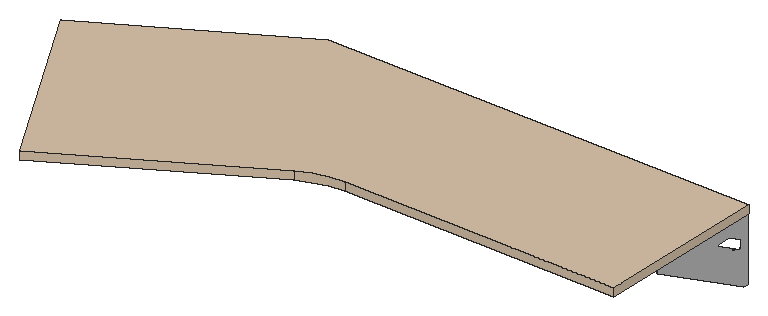
Revit family "Haworth_Compose_Worksurface_Bent", category Furniture Systems, Revit 2018
Family settings
  Round Connector Dimension = Use Diameter
  Part Type = Normal
  OmniClass Number = 23.40.70.14.64.21
  OmniClass Title = Systems Furniture
  Work Plane-Based = No
  Always vertical = Yes
  Cut with Voids When Loaded = No
  Shared = No
  Room Calculation Point = No
Parameters (values of type "60w 30d")
  Worksurface Finish = Haworth _ Laminate _ Maple H-AE
  Worksurface Edge Finish = Haworth _ Laminate _ Maple H-AE
  Warranty = "http://www.haworth.com/resources/product-info/warranties"
  URL - Product = "http://www.haworth.com/products/workspaces/panel-based/compose"
  Sustainability Info = "http://media.haworth.com/asset/2999/Compose%20PEDS.pdf"
  Support Round Right [instance] = and(Right Leg, or(Disc Base Support, Support Column))  # no
  Support Round Left [instance] = and(Left Leg, or(Disc Base Support, Support Column))  # no
  Support Post_90 Degree = no
  Support Post_45 Degree = no
  Support Post Right [instance] = and(Right Leg, or(Support Post_45 Degree, Support Post_90 Degree))  # no
  Support Post Left [instance] = and(Left Leg, or(Support Post_45 Degree, Support Post_90 Degree))  # no
  Support Panel = not(or(Support Post_90 Degree, Support Post_45 Degree, Support Column, Double Support Leg, Disc Base Support, Cantilever Bracket))  # no
  Support Finish = Haworth _ Paint _ Metallic Champagne
  Support End Right [instance] = and(Right Leg, or(Double Support Leg, Support Panel, Cantilever Bracket))  # yes
  Support End Left [instance] = and(Left Leg, or(Double Support Leg, Support Panel, Cantilever Bracket))  # yes
  Support Column = no
  Right Leg [instance] = yes
  No Legs [instance] = not(or(Left Leg, Right Leg))  # no
  Model = "WUCB"  # constant formula
  Min. Height = 26"  # constant formula
  Min. Width = 24"  # constant formula
  Max. Height = 48"  # constant formula
  Max. Width = 30"  # constant formula
  Short Bend Width = no
  Length = 60"
  URL = "www.haworth.com"
  Support Height = Actual Height - Top Thickness  # 27 13/16"
  Size = "Verify Final Dim. w/ Haworth"  # constant formula
  Revision Number = "3"  # constant formula
  Min/Max Width = "36-60 in."  # constant formula
  Min. Length = 24"  # constant formula
  Max. Length = 60"  # constant formula
  Manufacturer = "Haworth"  # constant formula
  Left Leg [instance] = yes
  Height = 29"
  End Support Location = if(Support Panel, 3/4", 1 3/4")  # 1 3/4"
  Double Support Leg = no
  Disc Base Support = no
  Description = "Haworth - Worksurface - Compose Bent"  # constant formula
  Custom Size = not(and(and(not(Height > 32"), not(Height < 26")), or(Length = 36", Length = 42", Length = 48", Length = 54", Length = 60")))  # no
  Cantilever Bracket Location = 1 3/4"  # constant formula
  Cantilever Bracket = yes
  Author = "SHAPE Environments, LLC"  # constant formula
  Assembly Code = "E2020200"
  Actual Width = if(Short Bend Width, 24", 30")  # 30"
  Actual Length = if(Length > Max. Length, Max. Length, if(Length < Min. Length, Min. Length, Length))  # 60"
  Actual Height = if(Height > Max. Height, Max. Height, if(Height < Min. Height, Min. Height, Height))  # 29"
  Top Thickness = 1 3/16"  # constant formula
  Standard Depth = "24, 30 in."  # constant formula
  Actual Depth Right = 24"  # constant formula
  Actual Depth Left = 30"  # constant formula
Types (8): name | Short Bend Width | Length | Actual Width | Actual Length
  60w 30d | no | 60" | 30" | 60"
  48w 30d | no | 48" | 30" | 48"
  42w 30d | no | 42" | 30" | 42"
  36w 30d | no | 36" | 30" | 36"
  60w 24d | yes | 60" | 24" | 60"
  48w 24d | yes | 48" | 24" | 48"
  42w 24d | yes | 42" | 24" | 42"
  36w 24d | yes | 36" | 24" | 36"
Reference planes (in)
  plane 1 "Center F/B": y = 0
  plane 2 "Floor": z = 0
  plane 3 "Top": z = 29
  plane 4 "Table Bottom": z = 27.8125
  plane 5 "Back": y = 12
  plane 6 "Bend": x = -30
  plane 7 "Front": y = -12
  plane 8 "Right": x = 30
  plane 9 "Back 2": through (-34.5, 9.40192, 48) normal (0.5, -0.866, 0)
  plane 10 "Front 2": through (-19.5, -16.57884, 48) normal (0.5, -0.866, 0)
  plane 11 "Bend 2": through (-30, 12, 48) normal (0.866, 0.5, 0)
  plane 12 "Left": through (-55.98076, -3, 48) normal (0.866, 0.5, 0)
  plane 13 "Center 2": through (-27, -3.58846, 48) normal (0.5, -0.866, 0)
  plane 14 "Masking region": z = 27
Forms (in)
  Extrusion 1, solid, material "Haworth _ Laminate _ Maple H-AE" <- "Worksurface Finish"
    sketch origin (3.8345, -23.54284, 0) x (-1, 0, 0) y (0, -1, 0)
      loop
        line (59.81526, -20.54284) -> (44.81526, 5.43792) -> (18.18832, -9.93515)
        arc (18.18832, -9.93515) -> (15.29415, -11.13395) -> (12.18832, -11.54284) r 12
        line (12.18832, -11.54284) -> (-26.1655, -11.54284) -> (-26.1655, -35.54284) -> (33.8345, -35.54284) -> (59.81526, -20.54284)
    from 27.8125 to 29
Lines and regions (in)
  Masking region 1
    outline origin (0, 0, 27) x (0, -1, 0) y (1, 0, 0)
      loop
        line (-12, -30) -> (3, -55.98076) -> (28.98076, -40.98076) -> (13.6077, -14.35383)
        arc (13.6077, -14.35383) -> (12.40889, -11.45966) -> (12, -8.35383) r 12
        line (12, -8.35383) -> (12, 30) -> (-12, 30) -> (-12, -30)
Dimensions and locks (in)
  "Actual Height": plane 3 "Top" to level
  "Top Thickness": plane 3 "Top" to plane 4 "Table Bottom"
  "Actual Length": plane 8 "Right" to plane 6 "Bend"
  equal spacing: plane 5 "Back", plane 1 "Center F/B", plane 7 "Front"
  "Actual Depth Right": plane 5 "Back" to plane 7 "Front"
  "Actual Depth Left": plane 9 "Back 2" to plane 10 "Front 2"
  "Actual Width": plane 12 "Left" to plane 11 "Bend 2"
  equal spacing: plane 9 "Back 2", plane 13 "Center 2", plane 10 "Front 2"
  locked: plane 12 "Left" to nested 2 at 12
  "End Support Location": plane 12 "Left" to nested 1
  locked: plane 9 "Back 2" to nested 3 at 3
  locked: nested 4 to plane 10 "Front 2" at 3
  locked: plane 12 "Left" to nested 3 at 3
  locked: plane 12 "Left" to nested 4 at 3
  plane 9 "Back 2" to plane 10 "Front 2" = 30"
  locked: plane 7 "Front" to nested 7 at 3
  locked: nested 7 to plane 8 "Right" at 3
  locked: plane 5 "Back" to nested 6 at 3
  locked: nested 6 to plane 8 "Right" at 3
  "End Support Location": nested 5 to plane 8 "Right"
  locked: nested 8 to plane 8 "Right" at 12
  locked: plane 3 "Top" to plane 14 "Masking region" at 2
  "Cantilever Bracket Location": plane 12 "Left" to nested 9
  "Cantilever Bracket Location": nested 10 to plane 8 "Right"
  radius of Extrusion 1 sketch curve = 12"
  aligned: plane 1 "Center F/B" to nested 1
  aligned: Extrusion 1 to plane 5 "Back"
  aligned: plane 8 "Right" to Extrusion 1
  aligned and locked: plane 9 "Back 2" to nested 1
  aligned and locked: nested 2 to plane 13 "Center 2"
  aligned and locked: Extrusion 1 to plane 3 "Top"
  aligned and locked: Extrusion 1 to plane 4 "Table Bottom"
  aligned: Extrusion 1 to plane 8 "Right"
  aligned and locked: Extrusion 1 sketch curve to plane 5 "Back"
  aligned and locked: plane 8 "Right" to Extrusion 1 sketch curve
  aligned and locked: Extrusion 1 sketch curve to plane 7 "Front"
  aligned and locked: Extrusion 1 sketch curve to plane 10 "Front 2"
  aligned and locked: plane 12 "Left" to Extrusion 1 sketch curve
  aligned and locked: Extrusion 1 sketch curve to plane 9 "Back 2"
  aligned and locked: nested 5 to plane 1 "Center F/B"
  aligned and locked: plane 1 "Center F/B" to nested 8
  aligned: plane 12 "Left" to nested 9  (x2)
  aligned: plane 9 "Back 2" to nested 9
  aligned: nested 10 to plane 8 "Right"
  aligned: plane 5 "Back" to nested 10
  aligned and locked: plane 9 "Back 2" to nested 9
  aligned and locked: nested 10 to plane 5 "Back"
  aligned: plane 8 "Right" to nested 10
Automatic sketch dimensions
  plane 7 "Front" to Extrusion 1 sketch curve = 1.6077"
  Masking region 1 sketch curve to plane 5 "Back" = 0"
  Masking region 1 sketch curve to plane 9 "Back 2" = 0"
  plane 12 "Left" to Masking region 1 sketch curve = 0"
  plane 7 "Front" to Masking region 1 sketch curve = 0"
  plane 10 "Front 2" to Masking region 1 sketch curve = 0"
  Masking region 1 sketch curve to plane 10 "Front 2" = 0"
  Masking region 1 sketch curve to plane 8 "Right" = 0"
  plane 7 "Front" to Masking region 1 sketch curve = 1.6077"
  Masking region 1 sketch curve to Masking region 1 sketch curve = 12"
Nested families (in)
  nested 1: "Haworth_Worksurface-Support_Part-End" at (-58.25859, -12.55469, 0) x (0.866, 0.5, 0) z (0, 0, 1), visible <- "Support End Left", type "Support"
  nested 2: "Haworth_Worksurface-Support_Part-Round" at (-35.33846, -14.75352, 0) x (0.866, 0.5, 0) z (0, 0, 1), visible <- "Support Round Left", type "Base"
    with Support Column no, Disc Base no
  nested 3: "Haworth_Worksurface-Support_Part-Leg" at (-37.7389, 13.88279, 0) x (0.5, -0.866, 0) z (0, 0, 1), visible <- "Support Post Left", type "Support"
  nested 4: "Haworth_Worksurface-Support_Part-Leg" at (-17.2389, -21.62425, 0) x (-0.5, 0.866, 0) z (0, 0, 1), visible <- "Support Post Left", type "Support"
  nested 5: "Haworth_Worksurface-Support_Part-End" at (19.75, 4.86431, 0), visible <- "Support End Right", type "Support 2"
    with Actual Depth 24"
  nested 6: "Haworth_Worksurface-Support_Part-Leg" at (48.23931, 17.5, 0) x (0, -1, 0) z (0, 0, 1), visible <- "Support Post Right", type "Support"
  nested 7: "Haworth_Worksurface-Support_Part-Leg" at (48.23931, -17.5, 0) x (0, 1, 0) z (0, 0, 1), visible <- "Support Post Right", type "Support"
  nested 8: "Haworth_Worksurface-Support_Part-Round" at (18, -5.5, 0), visible <- "Support Round Right", type "Base"
    with Support Column no, Disc Base no
  nested 9: "Haworth_Worksurface-Support_Part-Cantilever-Compose" at (-59.62528, -13.34375, 0) x (0.866, 0.5, 0) z (0, 0, 1), visible <- "Support End Left", type "Support"
  nested 10: "Haworth_Worksurface-Support_Part-Cantilever-Compose" at (38.32812, 4.86431, 0) x (-1, 0, 0) z (0, 0, 1), visible <- "Support End Right", type "Support 2"
    with Actual Depth 24"
Definition of nested family "Haworth_Worksurface-Support_Part-Cantilever-Compose"
  Parameters
    Worksurface Height = 29"
    Worksurface Depth = 30"
    Warranty = ""
    URL - Product = ""
    URL = "www.haworth.com"
    Top Thickness = 1 3/16"
    Sustainability Info = ""
    Support Thickness = 3/32"  # constant formula
    Support Height = Actual Height - Top Thickness  # 27 13/16"
    Support Finish = none
    Support Depth = 16"  # constant formula
    Size = "Verify Final Dim. w/ Haworth"  # constant formula
    Revision Number = "1"  # constant formula
    Model = "Worksurface"
    Standard Height = "12.75 in."  # constant formula
    Standard Depth = "15.75 in."  # constant formula
    Min. Height = 20"  # constant formula
    Min. Depth = 18"  # constant formula
    Max. Height = 48"  # constant formula
    Max. Depth = 36"  # constant formula
    Manufacturer = "Haworth"  # constant formula
    LEED Data = ""
    Description = "Worksurface Support End"  # constant formula
    Cantilever Bracket = yes
    Bottom Strut Thickness = 1"  # constant formula
    Bottom Strut Location = 9"  # constant formula
    Author = "SHAPE Environments, LLC"  # constant formula
    Assembly Code = ""
    Actual Top Thickness = if(Top Thickness > 3", 3", if(Top Thickness < 1", 1", Top Thickness))  # 1 3/16"
    Actual Height = 29"
    Actual Depth = 30"
  Reference planes (in)
    plane 1: z = 0
    plane 2 "Center L/R": x = 8.5
    plane 3 "Support Left Edge": x = 8.45312
    plane 4 "Support Right Edge": x = 8.54688
    plane 5 "Back": y = 7.13569
    plane 6 "Front": y = -8.86431
    plane 7 "Support Top": z = 27.8125
  Forms (in)
    Extrusion 1, solid, material <- "Support Finish", visible <- "Cantilever Bracket"
      sketch origin (8.45312, 0, 0) x (0, -1, 0) y (0, 0, 1)
        loop
          line (-7.13569, 27.71875) -> (-7.13569, 18.71875) -> (-6.51069, 18.71875) -> (8.86431, 27.23304) -> (8.86431, 27.71875) -> (-7.13569, 27.71875)
        loop
          line (-2.13709, 26.21875) -> (-3.85577, 26.21875)
          arc (-3.85577, 26.21875) -> (-3.91832, 26.2108) -> (-3.97688, 26.18745) r 0.25
          line (-3.97688, 26.18745) -> (-5.94171, 25.09938)
          arc (-5.94171, 25.09938) -> (-5.99206, 25.0533) -> (-6.01069, 24.98764) r 0.125
          line (-6.01069, 24.98764) -> (-6.01069, 24.06204)
          arc (-6.01069, 24.06204) -> (-5.88914, 23.84756) -> (-5.64268, 23.84164) r 0.25
          line (-5.64268, 23.84164) -> (-2.03161, 25.84136)
          arc (-2.03161, 25.84136) -> (-1.94116, 26.07007) -> (-2.13709, 26.21875) r 0.20343
      from 0 to -0.09375
    Extrusion 2, solid, material <- "Support Finish", visible <- "Cantilever Bracket"
      sketch origin (0, 0, 27.8125) x (-1, 0, 0) y (0, -1, 0)
        loop
          line (-8.45313, -6.51069) -> (-8.45312, 8.86431) -> (-10.07812, 8.86431) -> (-10.07813, -6.51069) -> (-8.45313, -6.51069)
      from 0 to -0.09375
  Cuts and joins
    joined: Extrusion 1, Extrusion 2
  Lines and regions (in)
    symbolic lines, visible <- "Cantilever Bracket", detail levels fine
      curve 1: line (8.45312, 7.13569, 0) -> (8.54688, 7.13569, 0)
      curve 2: line (8.45312, -8.86431, 0) -> (8.45312, 7.13569, 0)
      curve 3: line (10.07813, -8.86431, 0) -> (8.45312, -8.86431, 0)
      curve 4: line (8.54688, 7.13569, 0) -> (8.54688, 6.51069, 0)
      curve 5: line (8.54688, 6.51069, 0) -> (10.07813, 6.51069, 0)
      curve 6: line (10.07813, 6.51069, 0) -> (10.07813, -8.86431, 0)
  Dimensions and locks (in)
    "Support Thickness": plane 3 "Support Left Edge" to plane 4 "Support Right Edge"
    equal spacing: plane 3 "Support Left Edge", plane 2 "Center L/R", plane 4 "Support Right Edge"
    "Support Depth": plane 5 "Back" to plane 6 "Front"
    "Support Height": plane 7 "Support Top" to level
    locked: Extrusion 1 sketch curve to Extrusion 1 sketch curve at 9
    locked: Extrusion 1 sketch curve to Extrusion 1 sketch curve at 1.125
    locked: Extrusion 1 sketch curve to Extrusion 1 sketch curve at 1.5
    aligned and locked: plane 4 "Support Right Edge" to Extrusion 1
    aligned and locked: plane 7 "Support Top" to Extrusion 2
  Automatic sketch dimensions
    Extrusion 2 sketch curve to plane 6 "Front" = 0"
    Extrusion 2 sketch curve to plane 3 "Support Left Edge" = 0"
    plane 4 "Support Right Edge" to Extrusion 2 sketch curve = 1 17/32"
    Extrusion 2 sketch curve to plane 5 "Back" = 5/8"
    Extrusion 1 sketch curve to plane 5 "Back" = 0"
    Extrusion 1 sketch curve to plane 6 "Front" = 0"
    Extrusion 1 sketch curve to plane 5 "Back" = 5/8"
    Extrusion 1 sketch curve to Extrusion 1 sketch curve = 0.06898"
    Extrusion 1 sketch curve to Extrusion 1 sketch curve = 1/8"
    Extrusion 1 sketch curve to Extrusion 1 sketch curve = 1/4"  (x2)
    Extrusion 1 sketch curve to Extrusion 1 sketch curve = 0.11801"
    Extrusion 1 sketch curve to Extrusion 1 sketch curve = 1 247/256"
    Extrusion 1 sketch curve to Extrusion 1 sketch curve = 31/256"
    Extrusion 1 sketch curve to Extrusion 1 sketch curve = 1.71868"
    Extrusion 1 sketch curve to Extrusion 1 sketch curve = 27/256"
    Extrusion 1 sketch curve to plane 7 "Support Top" = 9 3/32"
    Extrusion 1 sketch curve to Extrusion 1 sketch curve = 2.37711"
    Extrusion 1 sketch curve to Extrusion 1 sketch curve = 0.9256"
    Extrusion 1 sketch curve to Extrusion 1 sketch curve = 0.37739"
    Extrusion 1 sketch curve to Extrusion 1 sketch curve = 0.48571"
    curve 3 to plane 3 "Support Left Edge" = 0"
    curve 1 to plane 4 "Support Right Edge" = 0"
    curve 6 to plane 6 "Front" = 0"
    curve 4 to plane 5 "Back" = 0"
    curve 6 to plane 5 "Back" = 5/8"
    plane 4 "Support Right Edge" to curve 6 = 1 17/32"
Definition of nested family "Haworth_Worksurface-Support_Part-End"
  Parameters
    Worksurface Height = 29"
    Worksurface Depth = 30"
    Warranty = ""
    URL - Product = ""
    URL = "www.haworth.com"
    Top Thickness = 1 3/16"
    Sustainability Info = ""
    Support Thickness = if(Support Panel, 1 1/2", 2")  # 2"
    Support Panel = no
    Support P Leg = no
    Support Height = Actual Height - Top Thickness  # 27 13/16"
    Support Finish = none
    Support Double Leg = no
    Size = "Verify Final Dim. w/ Haworth"  # constant formula
    Revision Number = "1"  # constant formula
    Model = "Worksurface"
    Min/Max Height = "26-32 in."  # constant formula
    Min/Max Depth = "18-36 in."  # constant formula
    Min. Height = 20"  # constant formula
    Min. Depth = 18"  # constant formula
    Max. Height = 48"  # constant formula
    Max. Depth = 36"  # constant formula
    Manufacturer = "Haworth"  # constant formula
    Leg Support = or(Support P Leg, Support Double Leg)  # no
    LEED Data = ""
    Description = "Worksurface Support End"  # constant formula
    Bottom Strut Thickness = 1"  # constant formula
    Bottom Strut Location = 9"  # constant formula
    Back Support Location = if(Support P Leg, 0", 1")  # 1"
    Author = "SHAPE Environments, LLC"  # constant formula
    Assembly Code = ""
    Actual Top Thickness = if(Top Thickness > 3", 3", if(Top Thickness < 1", 1", Top Thickness))  # 1 3/16"
    Actual Height = 29"
    Actual Depth = 30"
  Reference planes (in)
    plane 1: z = 0
    plane 2 "Center L/R": x = 8.5
    plane 3 "Support Left Edge": x = 7.5
    plane 4 "Support Right Edge": x = 9.5
    plane 5 "Back": y = 7.13569
    plane 6 "Front": y = -22.86431
    plane 7 "Support Top": z = 27.8125
    plane 8 "Mid Strut Top": z = 21.5625
    plane 9 "Mid Strut Bottom": z = 20.8125
    plane 10 "Top Strut Bottom": z = 26.0625
    plane 11 "Front Support Exterior": y = -21.86431
    plane 12 "Front Support Interior": y = -20.86431
    plane 13 "Back Support Interior": y = 5.13569
    plane 14 "Back Support Exterior": y = 6.13569
    plane 15 "Center F/B": y = -7.86431
  Forms (in)
    Extrusion 1, solid, material <- "Support Finish", visible <- "Support Panel"
      sketch origin (0, 0, 0) x (1, 0, 0) y (0, 1, 0)
        loop
          line (7.5, 7.13569) -> (7.5, -22.86431) -> (9.5, -22.86431) -> (9.5, 7.13569) -> (7.5, 7.13569)
      from 0 to 27.8125
    Extrusion 2, solid, material <- "Support Finish", visible <- "Support P Leg"
      sketch origin (8.5, 0, 0) x (0, 1, 0) y (0, 0, 1)
        loop
          line (6.13569, 20.8125) -> (6.13569, 27.8125) -> (5.13569, 27.8125) -> (5.13569, 21.5625) -> (-20.86431, 21.5625) -> (-20.86431, 27.8125) -> (-21.86431, 27.8125) -> (-21.86431, 0) -> (-20.86431, 0) -> (-20.86431, 20.8125) -> (6.13569, 20.8125)
      from -1 to 1
    Extrusion 3, solid, material <- "Support Finish", visible <- "Support Double Leg"
      sketch origin (8.5, 0, 0) x (0, 1, 0) y (0, 0, 1)
        loop
          line (5.13569, 20.8125) -> (5.13569, 0) -> (6.13569, 0) -> (6.13569, 27.8125) -> (5.13569, 27.8125) -> (5.13569, 21.5625) -> (-20.86431, 21.5625) -> (-20.86431, 27.8125) -> (-21.86431, 27.8125) -> (-21.86431, 0) -> (-20.86431, 0) -> (-20.86431, 20.8125) -> (5.13569, 20.8125)
      from -1 to 1
    Extrusion 4, solid, material <- "Support Finish", visible <- "Leg Support"
      sketch origin (8.5, 0, 0) x (0, 1, 0) y (0, 0, 1)
        loop
          line (5.13569, 27.8125) -> (-20.86431, 27.8125) -> (-20.86431, 26.0625) -> (5.13569, 26.0625) -> (5.13569, 27.8125)
      from -0.625 to 0.625
  Lines and regions (in)
    symbolic lines, visible <- "Support Double Leg", detail levels fine
      curve 1: line (7.5, 7.13569, 0) -> (9.5, 7.13569, 0)
      curve 6: line (7.5, -21.86431, 0) -> (7.5, 7.13569, 0)
      curve 7: line (9.5, -21.86431, 0) -> (7.5, -21.86431, 0)
      curve 8: line (9.5, 7.13569, 0) -> (9.5, -21.86431, 0)
    symbolic lines, visible <- "Support Panel", detail levels fine
      curve 2: line (7.5, -22.86431, 0) -> (7.5, 7.13569, 0)
      curve 3: line (9.5, -22.86431, 0) -> (7.5, -22.86431, 0)
      curve 4: line (9.5, 7.13569, 0) -> (9.5, -22.86431, 0)
      curve 9: line (7.5, 7.13569, 0) -> (9.5, 7.13569, 0)
    symbolic lines, visible <- "Support P Leg", detail levels fine
      curve 5: line (7.5, 7.13569, 0) -> (9.5, 7.13569, 0)
      curve 10: line (7.5, -21.86431, 0) -> (7.5, 7.13569, 0)
      curve 11: line (9.5, -21.86431, 0) -> (7.5, -21.86431, 0)
      curve 12: line (9.5, 7.13569, 0) -> (9.5, -21.86431, 0)
  Dimensions and locks (in)
    "Support Thickness": plane 3 "Support Left Edge" to plane 4 "Support Right Edge"
    equal spacing: plane 3 "Support Left Edge", plane 2 "Center L/R", plane 4 "Support Right Edge"
    "Actual Depth": plane 5 "Back" to plane 6 "Front"
    locked: plane 7 "Support Top" to plane 10 "Top Strut Bottom" at 1.75
    "Support Height": plane 7 "Support Top" to level
    "Back Support Location": plane 5 "Back" to plane 14 "Back Support Exterior"
    locked: plane 14 "Back Support Exterior" to plane 13 "Back Support Interior" at 1
    plane 12 "Front Support Interior" to plane 11 "Front Support Exterior" to plane 6 "Front" = 1" locked, 1" locked
    plane 7 "Support Top" to plane 9 "Mid Strut Bottom" = 7"
    locked: plane 8 "Mid Strut Top" to plane 9 "Mid Strut Bottom" at 0.75
    equal spacing: plane 5 "Back", plane 15 "Center F/B", plane 6 "Front"
    aligned and locked: plane 3 "Support Left Edge" to Extrusion 1 sketch curve
    aligned and locked: Extrusion 1 sketch curve to plane 5 "Back"
    aligned and locked: plane 6 "Front" to Extrusion 1 sketch curve
    aligned and locked: Extrusion 1 sketch curve to plane 4 "Support Right Edge"
    aligned and locked: plane 7 "Support Top" to Extrusion 1
    aligned: Extrusion 1 to level
    aligned and locked: Extrusion 1 to plane 7 "Support Top"
    aligned and locked: Extrusion 1 to plane 1
    aligned and locked: plane 1 to Extrusion 1
    aligned and locked: plane 9 "Mid Strut Bottom" to Extrusion 2 sketch curve
    aligned and locked: plane 8 "Mid Strut Top" to Extrusion 2 sketch curve
    aligned and locked: plane 12 "Front Support Interior" to Extrusion 2 sketch curve
    aligned and locked: plane 11 "Front Support Exterior" to Extrusion 2 sketch curve
    aligned and locked: plane 7 "Support Top" to Extrusion 2 sketch curve
    aligned and locked: level to Extrusion 2 sketch curve
    aligned and locked: plane 13 "Back Support Interior" to Extrusion 3 sketch curve
    aligned and locked: Extrusion 3 sketch curve to plane 13 "Back Support Interior"
    aligned and locked: Extrusion 3 sketch curve to plane 14 "Back Support Exterior"
    aligned and locked: Extrusion 3 sketch curve to plane 7 "Support Top"  (x2)
    aligned and locked: Extrusion 3 sketch curve to plane 11 "Front Support Exterior"
    aligned and locked: Extrusion 3 sketch curve to plane 12 "Front Support Interior"  (x2)
    aligned and locked: Extrusion 3 sketch curve to plane 9 "Mid Strut Bottom"
    aligned and locked: Extrusion 3 sketch curve to plane 8 "Mid Strut Top"
    aligned and locked: plane 3 "Support Left Edge" to Extrusion 3
    aligned and locked: plane 3 "Support Left Edge" to Extrusion 2
    aligned and locked: plane 4 "Support Right Edge" to Extrusion 3
    aligned and locked: plane 4 "Support Right Edge" to Extrusion 2
    aligned and locked: plane 13 "Back Support Interior" to Extrusion 2 sketch curve
    aligned and locked: Extrusion 2 sketch curve to plane 14 "Back Support Exterior"
    aligned and locked: plane 13 "Back Support Interior" to Extrusion 4 sketch curve
    aligned and locked: plane 10 "Top Strut Bottom" to Extrusion 4 sketch curve
    aligned and locked: plane 7 "Support Top" to Extrusion 4 sketch curve
    aligned and locked: plane 12 "Front Support Interior" to Extrusion 4 sketch curve
  Automatic sketch dimensions
    Extrusion 2 sketch curve to Extrusion 2 sketch curve = 0"
    Extrusion 2 sketch curve to plane 7 "Support Top" = 0"
    Extrusion 3 sketch curve to level = 0"  (x2)
    curve 10 to plane 3 "Support Left Edge" = 0"
    curve 7 to plane 4 "Support Right Edge" = 0"
    curve 3 to plane 6 "Front" = 0"
    plane 11 "Front Support Exterior" to curve 11 = 0"
    curve 9 to plane 5 "Back" = 0"
Definition of nested family "Haworth_Worksurface-Support_Part-Round"
  Parameters
    Warranty = ""
    URL - Product = ""
    URL = "www.haworth.com"
    Support Column = yes
    Leg Height = 27 13/16"
    Disc Radius = 10 1/2"
    Disc Base = yes
    Base Finish = none
    Sustainability Info = ""
    Size = "Verify Final Dim. w/ Haworth"  # constant formula
    Revision Number = ""
    OmniClass Number = ""
    Material Options = ""
    Manufacturer = "Haworth"  # constant formula
    LEED Data = ""
    Author = "SHAPE Environments, LLC"  # constant formula
    Assembly Code = ""
  Reference planes (in)
    plane 1 "Center F/B": y = 5.5
    plane 2: z = 0
    plane 3 "Center L/R": x = 0
    plane 4 "Table Bottom": z = 27.8125
  Forms (in)
    Revolve 1, solid, material <- "Base Finish", visible <- "Disc Base"
      sketch origin (0, 5.5, 0) x (1, 0, 0) y (0, 0, 1)
        loop
          line (0, 27.8125) -> (-1.5, 27.8125) -> (-1.5, 1.25) -> (-3.53244, 1.25) -> (-4.28244, 0.5) -> (-10.5, 0.5) -> (-10.5, 0) -> (0, 0) -> (0, 27.8125)
        axis (0, 27.8125) -> (0, 0)
      angle from 0 to 360
    Revolve 2, solid, material <- "Base Finish", visible <- "Support Column"
      sketch origin (0, 5.5, 0) x (1, 0, 0) y (0, 0, 1)
        loop
          line (0, 27.8125) -> (-1.5, 27.8125) -> (-1.5, 0) -> (0, 0) -> (0, 27.8125)
        axis (0, 27.8125) -> (0, 0)
      angle from 0 to 360
  Lines and regions (in)
    symbolic lines, visible <- "Disc Base", detail levels fine
      curve 1: circle (0, 5.5, 0) r 10.5 normal (0, 0, 1)
      curve 3: circle (0, 5.5, 0) r 1.5 normal (0, 0, 1)
    symbolic lines, visible <- "Support Column", detail levels fine
      curve 2: circle (0, 5.5, 0) r 1.5 normal (0, 0, 1)
  Dimensions and locks (in)
    "Disc Radius": plane 3 "Center L/R" to Revolve 1 sketch curve
    "Leg Height": plane 4 "Table Bottom" to level
    plane 3 "Center L/R" to Revolve 1 sketch curve = 1 1/2"
    locked: plane 3 "Center L/R" to Revolve 2 sketch curve at 1.5
    aligned and locked: Revolve 1 to plane 4 "Table Bottom"  (x2)
  Automatic sketch dimensions
    Revolve 1 sketch curve to level = 0"
    Revolve 1 sketch curve to plane 4 "Table Bottom" = 0"
    Revolve 1 sketch curve to plane 3 "Center L/R" = 0"  (x2)
    Revolve 1 sketch curve to Revolve 1 sketch curve = 2.03244"
    level to Revolve 1 sketch curve = 1/2"
    Revolve 1 sketch curve to Revolve 1 sketch curve = 3/4"
    Revolve 1 sketch curve to Revolve 1 sketch curve = 6.24462"
    level to Revolve 1 sketch curve = 1 1/4"
    Revolve 1 sketch curve to Revolve 1 sketch curve = 7.21204"
    Revolve 2 sketch curve to plane 4 "Table Bottom" = 0"
    Revolve 2 sketch curve to plane 3 "Center L/R" = 0"  (x2)
    Revolve 2 sketch curve to Revolve 2 sketch curve = 6.24462"
    Revolve 2 sketch curve to Revolve 2 sketch curve = 7.21204"
    Revolve 2 sketch curve to level = 0"
    curve 1 to curve 2 = 0"  (x2)
    curve 1 to curve 3 = 0"  (x2)
    curve 2 to curve 3 = 0"  (x2)
    plane 1 "Center F/B" to curve 2 = 0"
    curve 2 to plane 3 "Center L/R" = 0"
    radius of curve 1 = 10 1/2"
    radius of curve 2 = 1 1/2"
    radius of curve 3 = 1 1/2"
Definition of nested family "Haworth_Worksurface-Support_Part-Leg"
  Parameters
    Top Thickness = 1 3/16"
    Support Post Standard = no
    Support Post 45 Degree = no
    Support Height = Actual Height - Top Thickness  # 27 13/16"
    Model = "Worksurface"
    Worksurface Height = 29"
    Warranty = "www.haworth.com/en-us/Products/Pages/Certifications.aspx"
    URL - Product = "www.haworth.com/en-us/Products/Furniture/Systems/Desking-Systems/Pages/Compose.aspx"
    URL = "www.haworth.com"
    Sustainability Info = "www.haworth.com/en-us/About-Us/Sustainability/Pages/Vision.aspx"
    Support Finish = none
    Size = "Verify Final Dim. w/ Haworth"  # constant formula
    Revision Number = "1"  # constant formula
    Min/Max Height = "26-32 in."  # constant formula
    Min. Height = 20"  # constant formula
    Max. Height = 48"  # constant formula
    Manufacturer = "Haworth"  # constant formula
    LEED Data = "www.haworth.com/_layouts/Haworth.ProductCatalog/Handlers/GetAsset.ashx/ComposeLEEDContributions.pdf?cid=27&rid=1824&type=Leed"
    Description = "Worksurface Support"  # constant formula
    Author = "SHAPE Environments, LLC"  # constant formula
    Assembly Code = "E2020200"
    Actual Top Thickness = if(Top Thickness > 3", 3", if(Top Thickness < 1", 1", Top Thickness))  # 1 3/16"
    Actual Height = 29"
  Reference planes (in)
    plane 1: z = 0
    plane 2 "Center L/R": x = 8.5
    plane 3 "Support Top": z = 27.8125
    plane 4 "Center F/B": y = -21.23931
  Forms (in)
    Extrusion 1, solid, material <- "Support Finish", visible <- "Support Post Standard"
      sketch origin (0, 0, 0) x (1, 0, 0) y (0, 1, 0)
        loop
          line (7.75, -22.86431) -> (9.25, -22.86431) -> (9.25, -19.61431) -> (7.75, -19.61431) -> (7.75, -22.86431)
      from 0 to 27.8125
    Extrusion 2, solid, material <- "Support Finish", visible <- "Support Post 45 Degree"
      sketch origin (17.50805, -0.21044, 0) x (0.707107, -0.707107, 0) y (0.707107, 0.707107, 0)
        loop
          line (7.75, -22.86431) -> (9.25, -22.86431) -> (9.25, -19.61431) -> (7.75, -19.61431) -> (7.75, -22.86431)
      from 0 to 27.8125
  Lines and regions (in)
    symbolic lines, visible <- "Support Post Standard", detail levels fine
      curve 1: line (7.75, -19.61431, 0) -> (9.25, -19.61431, 0)
      curve 2: line (7.75, -22.86431, 0) -> (7.75, -19.61431, 0)
      curve 3: line (9.25, -22.86431, 0) -> (7.75, -22.86431, 0)
      curve 4: line (9.25, -19.61431, 0) -> (9.25, -22.86431, 0)
    symbolic lines, visible <- "Support Post 45 Degree", detail levels fine
      curve 5: line (6.82062, -21.85803, 0) -> (9.11872, -19.55993, 0)
      curve 6: line (9.11872, -19.55993, 0) -> (10.17938, -20.62059, 0)
      curve 7: line (10.17938, -20.62059, 0) -> (7.88128, -22.91869, 0)
      curve 8: line (7.88128, -22.91869, 0) -> (6.82062, -21.85803, 0)
  Dimensions and locks (in)
    "Support Height": plane 3 "Support Top" to level
    aligned and locked: plane 3 "Support Top" to Extrusion 1
    aligned and locked: plane 3 "Support Top" to Extrusion 2
  Automatic sketch dimensions
    Extrusion 1 sketch curve to plane 4 "Center F/B" = 1 5/8"
    plane 2 "Center L/R" to Extrusion 1 sketch curve = 3/4"
    Extrusion 1 sketch curve to plane 2 "Center L/R" = 3/4"
    plane 4 "Center F/B" to Extrusion 1 sketch curve = 1 5/8"
    plane 2 "Center L/R" to Extrusion 2 sketch curve = 0.61872"
    Extrusion 2 sketch curve to plane 4 "Center F/B" = 1.67938"
    Extrusion 2 sketch curve to Extrusion 2 sketch curve = 1 1/2"
    Extrusion 2 sketch curve to Extrusion 2 sketch curve = 3 1/4"
    plane 4 "Center F/B" to curve 5 = 0.61872"
    curve 2 to plane 2 "Center L/R" = 3/4"
    curve 2 to curve 7 = 0.13128"
    plane 2 "Center L/R" to curve 6 = 0.61872"
    curve 5 to curve 4 = 0.13128"
    curve 6 to plane 4 "Center F/B" = 0.61872"
    curve 1 to curve 6 = 0.92938"
    curve 7 to curve 2 = 0.05438"
    curve 1 to curve 5 = 0.05438"
